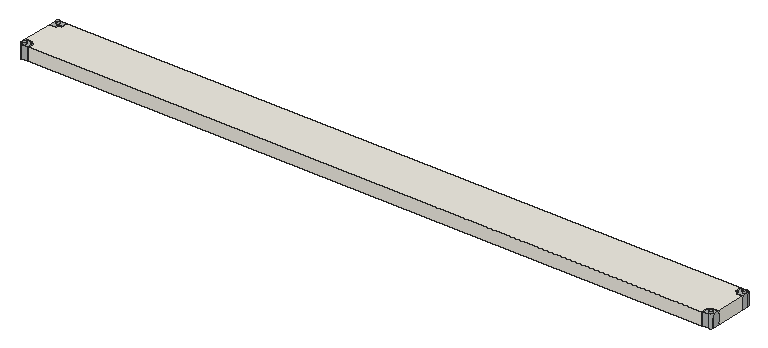
Revit family "HIGHTECH", category Осветительные приборы, Revit 2019 (continued)
Types (32, lengths in mm): name | Файл фотометрической сетки | built-in parameter 1150105 | Lumens | built-in parameter 1150106 | built-in parameter 1150142 | Wattage | Emit from Rectangle Width | Emit from Rectangle Length | Длина | Ширина | ADSK_Ток | ADSK_Полная мощность | ADSK_Обозначение | ADSK_Номинальная мощность | ADSK_Наименование | ADSK_Масса | ADSK_Код изделия
  Hightech-50/opal-sand 595x595 (IP54, 4000К, белый) | "Светильник HIGHTECH-50 OPAL-SAND-(595x595).IES" | 405.85 (stored number, unit not read) | 5100 lm | 4.0585 (stored number, unit not read) | "IESNA:LM-63-95\r\n[TEST] Протокол № 50-14\r\n[DATA] 15.06.2016\r\n[MORE] \r\n[MANUFAC] ЗАО \"Центрстройсвет\"\r\n[LUMCAT]  Светильник HIGHTECH-50/OPAL-SAND-(595x595)\r\n[LUMINAIRE]\r\n[LAMPCAT] Светодиоды\r\n[LAMP] Поток источника света (светодиодов) не известен\r\n[MORE] КСС приведена в абсолютных величинах кд\r\n[MORE] Вместо потока лампы, указан поток светильника.\r\nTILT=NONE\r\n1    5060 1.0 37 73 1 2 0.595 0.595 0.04\r\n1.0 1.0 50.3\r\n0.0 5.0 10.0 15.0 20.0 25.0 30.0 35.0 40.0 45.0 50.0 55.0 60.0 65.0 70.0 75.0 80.0 85.0 90.0 95.0 100.0 105.0 110.0 115.0 120.0 125.0 130.0 135.0 140.0 145.0 150.0 155.0 160.0 165.0 170.0 175.0 180.0\r\n0.0 5.0 10.0 15.0 20.0 25.0 30.0 35.0 40.0 45.0 50.0 55.0 60.0 65.0 70.0 75.0 80.0 85.0 90.0 95.0 100.0 105.0 110.0 115.0 120.0 125.0 130.0 135.0 140.0 145.0 150.0 155.0 160.0 165.0 170.0 175.0 180.0 185.0 190.0 195.0 200.0 205.0 210.0 215.0 220.0 225.0 230.0 235.0 240.0 245.0 250.0 255.0 260.0 265.0 270.0 275.0 280.0 285.0 290.0 295.0 300.0 305.0 310.0 315.0 320.0 325.0 330.0 335.0 340.0 345.0 350.0 355.0 360.0\r\n1887.5 1882.3 1843.4 1792.0 1724.0 1631.5 1531.1 1419.3 1293.7 1161.5 1026.7 886.8 740.0 595.0 455.2 319.9 194.6 81.1 4.9 0.0 0.0 0.0 0.0 0.0 0.0 0.0 0.0 0.0 0.0 0.0 0.0 0.0 0.0 0.0 0.0 0.0 0.0\r\n1887.5 1882.9 1846.0 1797.8 1725.1 1630.8 1538.9 1418.0 1289.1 1162.9 1024.5 883.4 740.5 598.7 455.8 320.4 195.7 82.0 5.0 0.0 0.0 0.0 0.0 0.0 0.0 0.0 0.0 0.0 0.0 0.0 0.0 0.0 0.0 0.0 0.0 0.0 0.0\r\n1887.5 1884.1 1849.8 1793.9 1724.1 1633.5 1538.1 1421.4 1298.2 1165.1 1027.4 885.2 742.6 599.8 457.4 322.3 197.1 83.7 5.4 0.0 0.0 0.0 0.0 0.0 0.0 0.0 0.0 0.0 0.0 0.0 0.0 0.0 0.0 0.0 0.0 0.0 0.0\r\n1887.5 1885.6 1850.0 1796.3 1725.8 1632.2 1533.7 1422.0 1295.8 1167.8 1030.8 886.1 743.6 597.9 459.5 322.2 196.9 83.7 5.4 0.0 0.0 0.0 0.0 0.0 0.0 0.0 0.0 0.0 0.0 0.0 0.0 0.0 0.0 0.0 0.0 0.0 0.0\r\n1887.5 1886.5 1849.9 1795.8 1721.4 1639.6 1534.8 1418.0 1296.4 1168.3 1027.2 886.6 744.0 600.2 457.7 323.1 197.0 84.2 5.3 0.0 0.0 0.0 0.0 0.0 0.0 0.0 0.0 0.0 0.0 0.0 0.0 0.0 0.0 0.0 0.0 0.0 0.0\r\n1887.5 1885.6 1848.0 1795.1 1728.2 1636.1 1537.7 1424.4 1296.7 1163.9 1028.1 885.4 746.1 599.2 456.9 323.0 198.1 84.6 6.1 0.0 0.0 0.0 0.0 0.0 0.0 0.0 0.0 0.0 0.0 0.0 0.0 0.0 0.0 0.0 0.0 0.0 0.0\r\n1887.5 1884.2 1849.8 1792.9 1722.3 1637.3 1537.3 1423.8 1299.0 1162.9 1028.1 889.2 746.4 599.2 458.6 325.2 198.7 85.0 6.5 0.0 0.0 0.0 0.0 0.0 0.0 0.0 0.0 0.0 0.0 0.0 0.0 0.0 0.0 0.0 0.0 0.0 0.0\r\n1887.5 1884.0 1850.9 1800.1 1725.4 1633.0 1534.3 1421.2 1294.0 1160.9 1028.3 886.0 747.4 600.7 459.7 325.6 199.2 86.0 6.2 0.0 0.0 0.0 0.0 0.0 0.0 0.0 0.0 0.0 0.0 0.0 0.0 0.0 0.0 0.0 0.0 0.0 0.0\r\n1887.5 1884.0 1850.4 1799.2 1722.9 1634.9 1528.6 1423.0 1298.2 1162.3 1032.0 888.7 743.9 600.7 461.8 326.2 199.2 86.6 6.1 0.0 0.0 0.0 0.0 0.0 0.0 0.0 0.0 0.0 0.0 0.0 0.0 0.0 0.0 0.0 0.0 0.0 0.0\r\n1887.5 1883.3 1848.8 1801.0 1723.6 1638.0 1538.5 1425.1 1297.5 1166.1 1029.5 886.1 746.3 605.4 461.8 326.3 201.2 87.0 6.2 0.0 0.0 0.0 0.0 0.0 0.0 0.0 0.0 0.0 0.0 0.0 0.0 0.0 0.0 0.0 0.0 0.0 0.0\r\n1887.5 1883.3 1850.6 1797.3 1725.8 1637.1 1533.1 1417.5 1298.3 1167.1 1027.2 888.0 746.2 603.2 463.6 327.0 201.7 88.1 6.5 0.0 0.0 0.0 0.0 0.0 0.0 0.0 0.0 0.0 0.0 0.0 0.0 0.0 0.0 0.0 0.0 0.0 0.0\r\n1887.5 1883.7 1849.0 1797.7 1720.9 1638.5 1535.3 1424.4 1299.6 1168.5 1035.4 889.6 749.8 603.4 465.3 328.4 201.8 88.8 7.0 0.0 0.0 0.0 0.0 0.0 0.0 0.0 0.0 0.0 0.0 0.0 0.0 0.0 0.0 0.0 0.0 0.0 0.0\r\n1887.5 1883.1 1852.7 1797.3 1728.6 1639.3 1538.4 1423.7 1303.2 1168.1 1029.2 892.4 748.1 605.8 464.0 329.6 202.9 89.8 7.0 0.0 0.0 0.0 0.0 0.0 0.0 0.0 0.0 0.0 0.0 0.0 0.0 0.0 0.0 0.0 0.0 0.0 0.0\r\n1887.5 1881.9 1853.7 1798.9 1724.8 1637.5 1543.5 1423.8 1299.9 1170.3 1024.3 891.2 751.8 607.8 466.0 330.6 204.5 90.0 7.3 0.0 0.0 0.0 0.0 0.0 0.0 0.0 0.0 0.0 0.0 0.0 0.0 0.0 0.0 0.0 0.0 0.0 0.0\r\n1887.5 1881.8 1854.7 1797.4 1729.6 1638.4 1538.7 1420.0 1302.3 1168.1 1034.9 892.9 749.2 609.3 467.3 330.5 205.3 90.4 7.7 0.0 0.0 0.0 0.0 0.0 0.0 0.0 0.0 0.0 0.0 0.0 0.0 0.0 0.0 0.0 0.0 0.0 0.0\r\n1887.5 1882.8 1852.5 1798.1 1725.4 1641.5 1535.9 1424.2 1305.0 1168.3 1036.9 895.1 752.7 610.0 468.0 330.8 206.4 91.1 7.9 0.0 0.0 0.0 0.0 0.0 0.0 0.0 0.0 0.0 0.0 0.0 0.0 0.0 0.0 0.0 0.0 0.0 0.0\r\n1887.5 1883.6 1853.4 1797.0 1722.9 1639.1 1537.8 1429.0 1302.2 1172.5 1035.6 896.5 751.3 608.9 469.2 331.4 207.3 92.2 8.2 0.0 0.0 0.0 0.0 0.0 0.0 0.0 0.0 0.0 0.0 0.0 0.0 0.0 0.0 0.0 0.0 0.0 0.0\r\n1887.5 1883.6 1850.7 1797.3 1726.9 1643.9 1542.2 1421.1 1302.3 1173.9 1036.7 893.3 752.7 610.7 470.3 331.8 207.5 92.8 8.4 0.0 0.0 0.0 0.0 0.0 0.0 0.0 0.0 0.0 0.0 0.0 0.0 0.0 0.0 0.0 0.0 0.0 0.0\r\n1887.5 1883.8 1850.5 1796.3 1728.7 1637.1 1539.6 1426.0 1310.2 1175.1 1036.5 895.8 754.0 609.7 469.6 332.7 208.2 93.1 8.5 0.0 0.0 0.0 0.0 0.0 0.0 0.0 0.0 0.0 0.0 0.0 0.0 0.0 0.0 0.0 0.0 0.0 0.0\r\n1887.5 1884.5 1848.7 1798.4 1728.4 1643.0 1541.1 1424.4 1306.1 1175.6 1035.2 895.7 753.2 610.0 470.1 333.6 209.0 93.8 8.7 0.0 0.0 0.0 0.0 0.0 0.0 0.0 0.0 0.0 0.0 0.0 0.0 0.0 0.0 0.0 0.0 0.0 0.0\r\n1887.5 1885.1 1846.5 1798.1 1728.3 1640.7 1538.4 1422.5 1302.2 1173.0 1035.2 900.5 754.9 610.9 470.6 333.2 208.6 94.1 8.3 0.0 0.0 0.0 0.0 0.0 0.0 0.0 0.0 0.0 0.0 0.0 0.0 0.0 0.0 0.0 0.0 0.0 0.0\r\n1887.5 1884.8 1851.0 1798.1 1730.2 1643.2 1541.6 1426.4 1303.3 1176.2 1035.7 896.2 754.5 612.8 472.6 334.1 209.1 94.5 8.3 0.0 0.0 0.0 0.0 0.0 0.0 0.0 0.0 0.0 0.0 0.0 0.0 0.0 0.0 0.0 0.0 0.0 0.0\r\n1887.5 1884.2 1851.7 1798.5 1729.5 1639.1 1536.0 1425.2 1302.7 1175.5 1036.5 898.0 758.2 612.7 468.9 335.3 208.8 94.8 9.1 0.0 0.0 0.0 0.0 0.0 0.0 0.0 0.0 0.0 0.0 0.0 0.0 0.0 0.0 0.0 0.0 0.0 0.0\r\n1887.5 1883.1 1853.9 1797.7 1724.9 1639.7 1541.8 1430.1 1304.9 1168.5 1037.8 897.4 754.1 610.4 472.0 334.6 209.1 95.3 8.8 0.0 0.0 0.0 0.0 0.0 0.0 0.0 0.0 0.0 0.0 0.0 0.0 0.0 0.0 0.0 0.0 0.0 0.0\r\n1887.5 1881.5 1850.2 1795.2 1729.7 1647.3 1540.3 1425.3 1308.1 1174.1 1040.2 896.3 755.4 612.5 470.5 335.6 209.7 95.4 8.7 0.0 0.0 0.0 0.0 0.0 0.0 0.0 0.0 0.0 0.0 0.0 0.0 0.0 0.0 0.0 0.0 0.0 0.0\r\n1887.5 1880.4 1847.4 1795.8 1726.1 1638.7 1541.7 1429.3 1302.6 1175.9 1038.5 897.9 751.3 611.6 471.1 335.6 209.6 95.3 9.2 0.0 0.0 0.0 0.0 0.0 0.0 0.0 0.0 0.0 0.0 0.0 0.0 0.0 0.0 0.0 0.0 0.0 0.0\r\n1887.5 1880.0 1850.3 1797.1 1726.4 1643.3 1536.0 1421.3 1303.6 1171.4 1038.6 895.9 755.7 612.4 470.9 336.2 208.7 95.8 9.1 0.0 0.0 0.0 0.0 0.0 0.0 0.0 0.0 0.0 0.0 0.0 0.0 0.0 0.0 0.0 0.0 0.0 0.0\r\n1887.5 1879.1 1850.7 1799.2 1725.1 1639.6 1536.4 1428.4 1302.2 1172.1 1033.4 895.3 754.1 612.8 470.7 335.5 209.1 96.7 9.0 0.0 0.0 0.0 0.0 0.0 0.0 0.0 0.0 0.0 0.0 0.0 0.0 0.0 0.0 0.0 0.0 0.0 0.0\r\n1887.5 1876.9 1845.6 1794.8 1724.8 1637.8 1537.7 1427.7 1305.4 1174.0 1036.9 896.0 755.2 613.5 471.4 337.3 209.9 96.1 9.4 0.0 0.0 0.0 0.0 0.0 0.0 0.0 0.0 0.0 0.0 0.0 0.0 0.0 0.0 0.0 0.0 0.0 0.0\r\n1887.5 1874.8 1849.0 1796.1 1725.5 1644.7 1539.3 1422.3 1296.7 1172.6 1036.6 895.8 752.9 610.2 470.9 336.1 209.8 95.5 9.5 0.0 0.0 0.0 0.0 0.0 0.0 0.0 0.0 0.0 0.0 0.0 0.0 0.0 0.0 0.0 0.0 0.0 0.0\r\n1887.5 1874.3 1850.7 1796.1 1722.3 1643.7 1535.4 1426.2 1297.3 1169.2 1033.9 896.5 756.1 608.4 469.6 336.8 208.8 95.7 9.0 0.0 0.0 0.0 0.0 0.0 0.0 0.0 0.0 0.0 0.0 0.0 0.0 0.0 0.0 0.0 0.0 0.0 0.0\r\n1887.5 1875.0 1847.6 1795.2 1726.0 1637.4 1538.8 1422.8 1302.3 1167.3 1031.4 892.2 753.9 609.3 470.2 335.4 209.4 95.6 9.2 0.0 0.0 0.0 0.0 0.0 0.0 0.0 0.0 0.0 0.0 0.0 0.0 0.0 0.0 0.0 0.0 0.0 0.0\r\n1887.5 1876.2 1846.7 1797.0 1722.9 1632.1 1531.8 1428.4 1297.9 1173.0 1032.8 893.5 750.3 609.2 468.7 334.5 208.8 95.2 9.5 0.0 0.0 0.0 0.0 0.0 0.0 0.0 0.0 0.0 0.0 0.0 0.0 0.0 0.0 0.0 0.0 0.0 0.0\r\n1887.5 1877.0 1845.0 1799.0 1728.3 1642.0 1532.1 1422.0 1297.5 1176.2 1034.8 896.4 752.7 609.9 470.0 333.7 209.6 95.2 9.1 0.0 0.0 0.0 0.0 0.0 0.0 0.0 0.0 0.0 0.0 0.0 0.0 0.0 0.0 0.0 0.0 0.0 0.0\r\n1887.5 1876.9 1842.6 1790.6 1724.9 1639.4 1536.1 1422.9 1304.1 1169.6 1035.5 895.3 751.4 609.1 469.0 332.6 209.1 95.1 9.2 0.0 0.0 0.0 0.0 0.0 0.0 0.0 0.0 0.0 0.0 0.0 0.0 0.0 0.0 0.0 0.0 0.0 0.0\r\n1887.5 1875.7 1845.4 1794.6 1719.6 1634.8 1535.6 1422.6 1301.8 1167.1 1036.6 892.0 752.3 605.8 469.0 332.7 209.1 93.9 9.3 0.0 0.0 0.0 0.0 0.0 0.0 0.0 0.0 0.0 0.0 0.0 0.0 0.0 0.0 0.0 0.0 0.0 0.0\r\n1887.5 1874.6 1846.6 1791.0 1719.4 1631.6 1534.3 1422.3 1303.5 1171.6 1032.3 893.0 750.0 606.5 467.5 330.0 206.4 92.9 8.4 0.0 0.0 0.0 0.0 0.0 0.0 0.0 0.0 0.0 0.0 0.0 0.0 0.0 0.0 0.0 0.0 0.0 0.0\r\n1887.5 1874.0 1843.1 1789.6 1720.6 1639.4 1534.3 1424.0 1300.8 1168.1 1030.2 892.1 748.2 609.2 467.1 330.4 206.0 92.1 7.9 0.0 0.0 0.0 0.0 0.0 0.0 0.0 0.0 0.0 0.0 0.0 0.0 0.0 0.0 0.0 0.0 0.0 0.0\r\n1887.5 1873.5 1842.4 1792.6 1720.8 1633.5 1535.7 1423.0 1296.8 1165.4 1028.6 890.9 749.2 606.9 466.1 329.8 204.3 90.7 7.8 0.0 0.0 0.0 0.0 0.0 0.0 0.0 0.0 0.0 0.0 0.0 0.0 0.0 0.0 0.0 0.0 0.0 0.0\r\n1887.5 1872.5 1843.5 1792.8 1719.4 1633.2 1530.8 1420.9 1295.9 1169.4 1030.4 892.0 748.4 604.3 464.0 329.4 203.7 91.1 7.3 0.0 0.0 0.0 0.0 0.0 0.0 0.0 0.0 0.0 0.0 0.0 0.0 0.0 0.0 0.0 0.0 0.0 0.0\r\n1887.5 1871.5 1840.6 1788.3 1723.9 1633.4 1533.4 1417.1 1296.6 1165.6 1026.8 888.1 749.6 603.5 465.6 328.3 203.4 90.8 6.9 0.0 0.0 0.0 0.0 0.0 0.0 0.0 0.0 0.0 0.0 0.0 0.0 0.0 0.0 0.0 0.0 0.0 0.0\r\n1887.5 1871.7 1837.5 1793.8 1715.8 1634.9 1538.0 1424.6 1298.1 1167.0 1028.0 888.7 747.9 603.5 465.2 327.9 201.8 90.2 7.0 0.0 0.0 0.0 0.0 0.0 0.0 0.0 0.0 0.0 0.0 0.0 0.0 0.0 0.0 0.0 0.0 0.0 0.0\r\n1887.5 1872.9 1840.2 1791.1 1722.4 1635.7 1532.7 1420.2 1295.0 1159.5 1029.1 888.4 746.9 600.5 462.3 328.7 201.0 90.1 6.9 0.0 0.0 0.0 0.0 0.0 0.0 0.0 0.0 0.0 0.0 0.0 0.0 0.0 0.0 0.0 0.0 0.0 0.0\r\n1887.5 1873.3 1840.5 1789.1 1721.5 1635.7 1530.6 1419.0 1297.0 1164.6 1027.8 889.2 744.1 604.1 463.3 327.1 201.1 89.2 6.4 0.0 0.0 0.0 0.0 0.0 0.0 0.0 0.0 0.0 0.0 0.0 0.0 0.0 0.0 0.0 0.0 0.0 0.0\r\n1887.5 1872.9 1835.7 1788.5 1722.3 1636.7 1534.0 1423.0 1296.7 1161.9 1026.4 886.9 745.3 601.5 461.8 326.2 200.5 88.4 6.3 0.0 0.0 0.0 0.0 0.0 0.0 0.0 0.0 0.0 0.0 0.0 0.0 0.0 0.0 0.0 0.0 0.0 0.0\r\n1887.5 1872.6 1838.3 1791.1 1724.9 1630.4 1531.8 1419.7 1295.3 1168.5 1027.5 880.9 745.5 601.1 461.5 326.5 199.4 87.5 6.3 0.0 0.0 0.0 0.0 0.0 0.0 0.0 0.0 0.0 0.0 0.0 0.0 0.0 0.0 0.0 0.0 0.0 0.0\r\n1887.5 1872.8 1840.3 1789.2 1719.5 1633.6 1532.6 1417.6 1294.5 1165.4 1020.8 885.7 745.3 602.2 460.4 324.3 199.3 87.3 6.1 0.0 0.0 0.0 0.1 0.2 0.0 0.0 0.0 0.0 0.0 0.0 0.0 0.0 0.0 0.0 0.0 0.0 0.0\r\n1887.5 1873.5 1838.6 1790.7 1722.3 1630.8 1530.5 1417.1 1295.0 1167.0 1025.9 884.6 740.9 599.5 459.4 323.2 199.3 86.7 5.7 0.0 0.0 0.0 0.2 0.4 0.0 0.0 0.0 0.0 0.0 0.0 0.0 0.0 0.0 0.0 0.0 0.0 0.0\r\n1887.5 1874.2 1837.3 1789.5 1719.1 1630.4 1533.5 1417.9 1293.0 1161.5 1026.6 886.5 743.5 600.4 460.1 323.6 198.7 86.1 5.9 0.0 0.0 0.0 0.4 0.6 0.0 0.0 0.0 0.0 0.0 0.0 0.0 0.0 0.0 0.0 0.0 0.0 0.0\r\n1887.5 1874.2 1840.2 1789.0 1715.5 1634.9 1530.0 1416.2 1292.8 1158.2 1025.3 884.7 740.5 599.4 458.3 323.4 197.9 85.3 5.9 0.0 0.0 0.0 0.4 0.9 0.0 0.0 0.0 0.0 0.1 0.0 0.0 0.0 0.0 0.0 0.0 0.0 0.0\r\n1887.5 1873.3 1839.1 1789.1 1718.1 1638.7 1537.0 1412.2 1291.9 1164.4 1026.0 883.3 742.8 598.7 456.7 321.5 197.8 84.6 5.7 0.0 0.0 0.0 0.2 0.8 0.0 0.0 0.0 0.0 0.1 0.0 0.0 0.0 0.0 0.0 0.0 0.0 0.0\r\n1887.5 1872.3 1839.4 1787.8 1714.0 1633.5 1527.1 1417.7 1293.5 1164.9 1025.5 883.9 738.3 599.4 457.0 320.6 197.3 83.5 5.9 0.0 0.0 0.0 0.0 0.1 0.2 0.0 0.0 0.0 0.1 0.0 0.0 0.0 0.0 0.0 0.0 0.0 0.0\r\n1887.5 1871.5 1840.6 1789.0 1716.8 1627.7 1530.9 1417.4 1291.4 1158.2 1021.7 888.3 739.3 596.4 457.7 320.6 196.6 83.1 5.8 0.0 0.0 0.0 0.0 0.0 0.0 0.0 0.0 0.0 0.1 0.0 0.0 0.0 0.0 0.0 0.0 0.0 0.0\r\n1887.5 1871.2 1839.5 1788.7 1714.7 1630.8 1533.3 1417.2 1290.6 1154.1 1021.7 884.9 739.3 596.6 457.4 319.4 195.8 83.0 5.3 0.0 0.0 0.0 0.0 0.0 0.0 0.0 0.0 0.0 0.1 0.0 0.0 0.0 0.0 0.0 0.0 0.0 0.0\r\n1887.5 1871.6 1839.7 1787.9 1720.6 1630.8 1533.9 1416.2 1290.9 1158.9 1021.9 880.6 741.2 596.3 457.0 320.0 195.2 82.5 4.7 0.0 0.0 0.0 0.0 0.0 0.0 0.0 0.0 0.0 0.1 0.0 0.0 0.0 0.0 0.0 0.0 0.0 0.0\r\n1887.5 1872.3 1838.1 1789.3 1712.9 1625.9 1525.4 1417.2 1291.8 1157.6 1020.0 883.4 740.0 594.9 454.8 318.6 194.2 81.9 4.7 0.0 0.0 0.0 0.0 0.0 0.0 0.0 0.0 0.0 0.1 0.0 0.0 0.0 0.0 0.0 0.0 0.0 0.0\r\n1887.5 1872.7 1839.6 1789.3 1718.6 1629.9 1525.5 1419.8 1293.5 1154.0 1020.1 878.8 736.9 593.7 456.1 318.4 193.6 81.4 4.3 0.0 0.0 0.0 0.0 0.0 0.0 0.0 0.0 0.0 0.1 0.0 0.0 0.0 0.0 0.0 0.0 0.0 0.0\r\n1887.5 1873.0 1840.9 1790.2 1716.4 1630.3 1526.9 1414.6 1285.9 1157.6 1025.3 882.6 736.3 594.0 453.5 317.4 193.8 80.8 3.8 0.0 0.0 0.0 0.0 0.0 0.0 0.0 0.0 0.0 0.1 0.0 0.0 0.0 0.0 0.0 0.0 0.0 0.0\r\n1887.5 1873.5 1841.2 1787.5 1718.4 1634.0 1528.6 1409.6 1285.8 1155.5 1025.3 876.4 735.1 594.3 453.7 316.4 192.5 80.5 4.0 0.0 0.0 0.0 0.0 0.0 0.0 0.0 0.0 0.0 0.1 0.0 0.0 0.0 0.0 0.0 0.0 0.0 0.0\r\n1887.5 1873.9 1841.6 1790.0 1717.7 1629.1 1528.0 1409.8 1288.0 1151.6 1019.8 875.9 736.5 592.3 451.8 318.0 191.7 80.2 4.0 0.0 0.0 0.0 0.0 0.0 0.0 0.0 0.0 0.0 0.0 0.0 0.0 0.0 0.0 0.0 0.0 0.0 0.0\r\n1887.5 1874.1 1841.0 1789.7 1717.2 1630.1 1529.9 1419.7 1290.4 1156.3 1022.8 880.3 733.7 593.5 452.4 316.0 191.3 79.4 3.9 0.0 0.0 0.0 0.0 0.0 0.0 0.0 0.0 0.0 0.0 0.0 0.0 0.0 0.0 0.0 0.0 0.0 0.0\r\n1887.5 1874.1 1840.2 1785.0 1714.5 1629.4 1527.7 1411.7 1290.1 1153.6 1017.8 879.3 733.8 592.9 451.3 315.7 191.7 79.2 4.4 0.0 0.0 0.0 0.0 0.0 0.0 0.0 0.0 0.0 0.0 0.0 0.0 0.0 0.0 0.0 0.0 0.0 0.0\r\n1887.5 1873.8 1839.2 1790.0 1722.6 1631.3 1526.9 1414.1 1288.6 1158.0 1021.7 880.4 735.8 589.7 453.5 315.5 191.2 78.9 4.5 0.0 0.0 0.0 0.0 0.0 0.0 0.0 0.0 0.0 0.0 0.0 0.0 0.0 0.0 0.0 0.0 0.0 0.0\r\n1887.5 1874.4 1838.4 1789.0 1718.1 1628.9 1522.6 1413.3 1284.8 1161.1 1020.5 878.5 734.8 593.7 450.4 316.4 190.5 79.1 4.3 0.0 0.0 0.0 0.0 0.0 0.0 0.0 0.0 0.0 0.0 0.0 0.0 0.0 0.0 0.0 0.0 0.0 0.0\r\n1887.5 1876.6 1839.3 1788.5 1718.4 1632.2 1524.7 1416.3 1290.0 1154.1 1020.6 876.5 736.6 594.2 448.6 316.5 189.8 78.5 4.1 0.0 0.0 0.0 0.0 0.0 0.0 0.0 0.0 0.0 0.0 0.0 0.0 0.0 0.0 0.0 0.0 0.0 0.0\r\n1887.5 1878.7 1842.1 1786.9 1714.7 1629.1 1527.4 1410.5 1293.4 1160.9 1018.3 878.4 735.0 594.0 451.4 313.5 190.7 78.3 3.7 0.0 0.0 0.0 0.0 0.0 0.0 0.0 0.0 0.0 0.0 0.0 0.0 0.0 0.0 0.0 0.0 0.0 0.0\r\n1887.5 1879.5 1841.9 1788.6 1717.1 1632.6 1529.5 1414.0 1286.1 1155.2 1023.1 878.2 734.9 591.7 452.9 315.4 190.4 78.3 3.4 0.0 0.0 0.0 0.0 0.0 0.0 0.0 0.0 0.0 0.0 0.0 0.0 0.0 0.0 0.0 0.0 0.0 0.0\r\n1887.5 1879.6 1839.7 1792.9 1715.8 1629.7 1529.6 1414.5 1293.2 1154.7 1019.1 880.1 734.7 589.5 450.3 315.4 190.2 78.5 3.7 0.0 0.0 0.0 0.0 0.0 0.0 0.0 0.0 0.0 0.0 0.0 0.0 0.0 0.0 0.0 0.0 0.0 0.0\r\n1887.5 1880.2 1841.8 1793.1 1721.7 1625.7 1529.1 1413.3 1291.5 1156.5 1017.9 882.6 737.0 593.8 452.9 315.8 189.7 78.7 3.6 0.0 0.0 0.0 0.0 0.0 0.0 0.0 0.0 0.0 0.0 0.0 0.0 0.0 0.0 0.0 0.0 0.0 0.0\r\n1887.5 1881.1 1842.4 1785.9 1716.3 1632.5 1528.4 1410.2 1289.5 1156.3 1018.9 875.2 736.4 595.3 452.5 315.3 191.0 79.0 3.5 0.0 0.0 0.0 0.0 0.0 0.0 0.0 0.0 0.0 0.0 0.0 0.0 0.0 0.0 0.0 0.0 0.0 0.0\r\n1887.5 1881.7 1845.0 1794.4 1714.9 1633.8 1528.0 1412.9 1290.1 1152.0 1023.1 875.3 736.1 593.0 453.1 316.0 191.8 79.6 3.9 0.0 0.0 0.0 0.0 0.0 0.0 0.0 0.0 0.0 0.0 0.0 0.0 0.0 0.0 0.0 0.0 0.0 0.0\r\n1887.5 1882.0 1844.3 1789.1 1721.3 1636.2 1528.4 1415.3 1289.9 1160.9 1019.9 882.0 736.6 593.6 453.1 317.2 192.7 80.3 4.5 0.0 0.0 0.0 0.0 0.0 0.0 0.0 0.0 0.0 0.0 0.0 0.0 0.0 0.0 0.0 0.0 0.0 0.0\r\n1887.5 1882.3 1843.4 1792.0 1724.0 1631.5 1531.1 1419.3 1293.7 1161.5 1026.7 886.8 740.0 595.0 455.2 319.9 194.6 81.1 4.9 0.0 0.0 0.0 0.0 0.0 0.0 0.0 0.0 0.0 0.0 0.0 0.0 0.0 0.0 0.0 0.0 0.0 0.0\r\n" | 34.3337 W | 555 | 555 | 595 | 595 | 0.236295 A | 54.3478 VA | "Hightech-50/opal-sand 595x595 (IP54, 4000К, белый)" | 50 W | "Универсальный светодиодный светильник 
    Hightech-50/opal-sand 595x595 (IP54, 4000К, белый)" | 2.5 | "ЦБ000007383"
